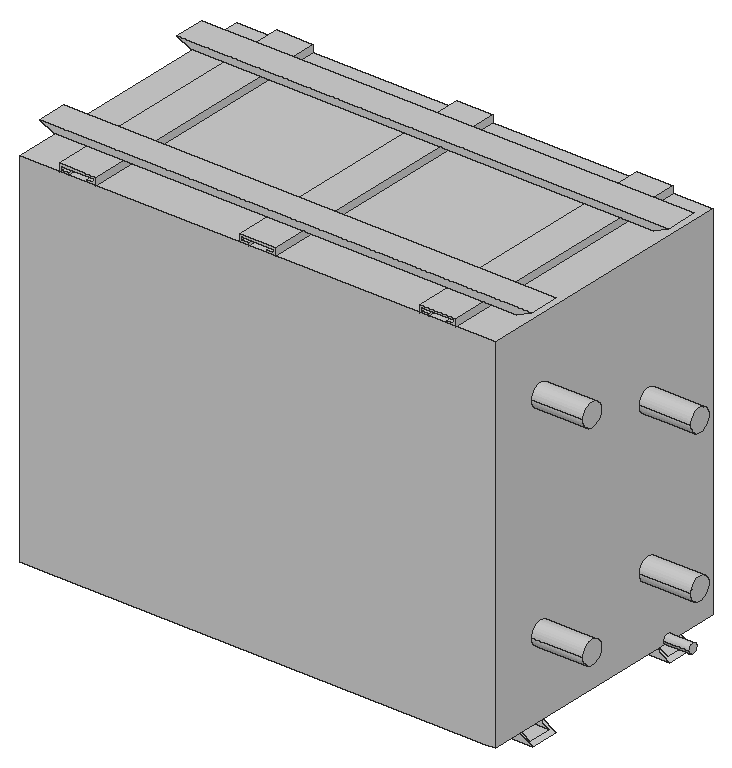
Revit family "Heat Pump-Rheem-W2W-35kW A", category Mechanical Equipment, Revit 2016
Family settings
  Part Type = Normal
  Round Connector Dimension = Use Radius
  OmniClass Number = 23.75.10.21
  OmniClass Title = Heat Pumps
  Work Plane-Based = No
  Always vertical = Yes
  Cut with Voids When Loaded = No
  Shared = No
  Room Calculation Point = No
Parameters (values of type "9540350S")
  calcTopSupport = if(Show Top Supports, 32 mm, 0 mm)  # 32 mm
  calcFanGuardDepth = 133 mm  # constant formula
  Width_ANZRS = 599 mm  # constant formula
  Wattage_ANZRS = 35 kW  # constant formula
  Voltage_ANZRS = 230 V
  URL = "https://www.rheem.com.au/products/commercial/commercial-heat-pumps"
  Type Comments = ""
  SupportInsetSide = 77 mm  # constant formula
  Show Top Supports = yes
  ProductCode_ANZRS = "9540350S"
  PowerFactor_ANZRS = 1
  OutletPipeDiameter = 50 mm  # constant formula
  calcOutletPipeRad = if(1 = 1, OutletPipeDiameter / 2, 0 mm)  # 25 mm
  Model = "Rheem Commercial Water to Water Heat Pump – 35kW Stackable Model"
  Material_ANZRS = Rheem-Steel-Grey
  Manufacturer = "Rheem"  # constant formula
  Length_ANZRS = 1049 mm  # constant formula
  InletPipeDiameter = 50 mm  # constant formula
  calcInletPipeRadius = if(1 = 1, InletPipeDiameter / 2, 0 mm)  # 25 mm
  Height_ANZRS = if(Show Top Supports, 859 mm, 827 mm)  # 859 mm
  Description = "Rheem's Commercial Water to Water (W2W) heat pump includes units using R134a for hot water heating up to 65°C, with a minimum entering water temperature on the building loop of 12°C, giving a return water temperature of 7°C, with the units being compact and suitable for indoor or external installation. Stackable models allow units to be stacked two high for reduced footprint."
  CreatedBy_ANZRS = "Design Content"  # constant formula
  CreatedByURL_ANZRS = "https://www.designcontent.com.au/"
  Assembly Code = ""
  ApparentLoad_ANZRS = Wattage_ANZRS  # 35 kW
Types (2, lengths in mm): name | calcTopSupport | Show Top Supports | ProductCode_ANZRS | Model | Height_ANZRS | Description
  95403500 | 0 | no | "95403500" | "Rheem Commercial Water to Water Heat Pump – 35kW" | 827 | "Rheem's Commercial Water to Water (W2W) heat pump includes units using R134a for hot water heating up to 65°C, with a minimum entering water temperature on the building loop of 12°C, giving a return water temperature of 7°C, with the units being compact and suitable for indoor or external installation."
  9540350S | 32 | yes | "9540350S" | "Rheem Commercial Water to Water Heat Pump – 35kW Stackable Model" | 859 | "Rheem's Commercial Water to Water (W2W) heat pump includes units using R134a for hot water heating up to 65°C, with a minimum entering water temperature on the building loop of 12°C, giving a return water temperature of 7°C, with the units being compact and suitable for indoor or external installation. Stackable models allow units to be stacked two high for reduced footprint."
Reference planes
  plane 1 "Center (Front/Back)": y = 0
  plane 2: z = 0
  plane 3 "Center (Left/Right)": x = 0
  plane 4 "Back": y = 299.5
  plane 5 "Front": y = -299.5
  plane 6 "Left": x = -524.5
  plane 7 "Right": x = 524.5
  plane 8: z = 24
  plane 9 "HEIGHT": z = 827
  plane 10 "Inlet": z = 200
  plane 11 "Outlet": z = 670
  plane 12: x = 639.5
  plane 13: y = -222.5
  plane 14: y = 222.5
  plane 15: x = 582
  plane 16: z = 859
  plane 17: x = -544.5
  plane 18: x = 544.5
  plane 19 "Pipework": y = -176.5
Forms (mm)
  Extrusion 1, solid, material "Rheem-Steel-Grey" <- "Material_ANZRS", detail levels medium+fine
    sketch origin (0, 0, 0) x (1, 0, 0) y (0, 1, 0)
      loop
        line (-524.5, 299.5) -> (-524.5, -299.5) -> (524.5, -299.5) -> (524.5, 299.5) -> (-524.5, 299.5)
    from 24 to 827
  Extrusion 2, solid, material "Rheem-Steel-Grey" <- "Material_ANZRS"
    sketch origin (0, 111.908, 381.979) x (0, -1, 0) y (0, 0, 1)
      loop
        circle (288.408, -181.979) r 25
      loop
        circle (288.408, 288.021) r 25
      loop
        circle (-8.592, -185.979) r 25
      loop
        circle (-8.592, 147.021) r 25
    from -524.5 to -639.5
  Extrusion 3, solid, material "Rheem-Steel-Grey" <- "Material_ANZRS"
    sketch origin (524.5, 0, 0) x (0, -1, 0) y (0, 0, -1)
      loop
        circle (-173.5, -34) r 10
    from 0 to 57.5
  Extrusion 4, solid, material "Rheem-Steel-Grey" <- "Material_ANZRS", detail levels coarse
    sketch origin (0, 0, 827) x (-1, 0, 0) y (0, -1, 0)
      loop
        line (524.5, -299.5) -> (524.5, 299.5) -> (-524.5, 299.5) -> (-524.5, -299.5) -> (524.5, -299.5)
    from -827 to 32
  Extrusion 5, solid, material "Rheem-Steel-Grey" <- "Material_ANZRS", detail levels medium+fine
    sketch origin (0, 0, 0) x (0, 1, 0) y (0, 0, 1)
      loop
        line (247.5, 24) -> (217.5, 24) -> (217.5, 5) -> (163.086, 5) -> (163.086, 24) -> (133, 24) -> (133, 19) -> (158, 19) -> (158, 0) -> (222.5, 0) -> (222.5, 19) -> (247.5, 19) -> (247.5, 24)
      loop
        line (-133, 24) -> (-163, 24) -> (-163, 5) -> (-217.414, 5) -> (-217.414, 24) -> (-247.5, 24) -> (-247.5, 19) -> (-222.5, 19) -> (-222.5, 0) -> (-158, 0) -> (-158, 19) -> (-133, 19) -> (-133, 24)
    from -544.5 to 544.5
  Extrusion 6, solid, material "Rheem-Steel-Grey" <- "Material_ANZRS", visible <- "Show Top Supports", detail levels medium+fine
    sketch origin (0, 0, 0) x (1, 0, 0) y (0, 0, 1)
      loop
        line (-437.141, 827) -> (-417.141, 827) -> (-417.141, 832) -> (-432.141, 832) -> (-432.141, 838) -> (-362.141, 838) -> (-362.141, 832) -> (-377.141, 832) -> (-377.141, 827) -> (-357.141, 827) -> (-357.141, 843) -> (-437.141, 843) -> (-437.141, 827)
      loop
        line (357.141, 827) -> (377.141, 827) -> (377.141, 832) -> (362.141, 832) -> (362.141, 838) -> (432.141, 838) -> (432.141, 832) -> (417.141, 832) -> (417.141, 827) -> (437.141, 827) -> (437.141, 843) -> (357.141, 843) -> (357.141, 827)
      loop
        line (-40, 827) -> (-20, 827) -> (-20, 832) -> (-35, 832) -> (-35, 838) -> (35, 838) -> (35, 832) -> (20, 832) -> (20, 827) -> (40, 827) -> (40, 843) -> (-40, 843) -> (-40, 827)
    from -299.5 to 299.5
  Extrusion 7, solid, material "Rheem-Steel-Grey" <- "Material_ANZRS", visible <- "Show Top Supports", detail levels medium+fine
    sketch origin (23.5, 184.859, 18.5) x (0, -1, 0) y (0, 0, 1)
      loop
        line (29.359, 824.5) -> (29.359, 840.5) -> (-38.641, 840.5) -> (-38.641, 824.5) -> (-18.617, 824.5) -> (-18.617, 829) -> (-33.617, 829) -> (-33.617, 835.5) -> (24.359, 835.5) -> (24.359, 829) -> (9.359, 829) -> (9.359, 824.5) -> (29.359, 824.5)
      loop
        line (340.359, 824.5) -> (360.359, 824.5) -> (360.359, 829) -> (345.359, 829) -> (345.359, 835.5) -> (403.334, 835.5) -> (403.334, 829) -> (388.334, 829) -> (388.334, 824.5) -> (408.359, 824.5) -> (408.359, 840.5) -> (340.359, 840.5) -> (340.359, 824.5)
    from -521 to 568
  Extrusion 8, solid, detail levels medium+fine
    sketch origin (725.494, 299.5, 222.402) x (-1, 0, 0) y (0, 0, 1)
      loop
        circle (252.008, 378.5) r 15
      loop
        circle (252.008, 428.5) r 15
      loop
        circle (252.008, 328.5) r 15
      loop
        circle (252.008, 278.5) r 10
      loop
        circle (252.008, 228.5) r 10
    from 0 to 5
  Extrusion 9, void
    sketch origin (0, 0, 0) x (1, 0, 0) y (0, 0, 1)
      loop
        line (-511.136, 843) -> (-544.5, 860) -> (-544.5, 843) -> (-511.136, 843)
      loop
        line (511.136, 843) -> (544.5, 843) -> (544.5, 859.5) -> (511.136, 843)
      loop
        line (-502.931, 24) -> (-544.5, 24) -> (-544.5, 0) -> (-502.931, 24)
      loop
        line (502.931, 24) -> (544.5, 0) -> (544.5, 24) -> (502.931, 24)
    from -299.5 to 299.5
Cuts and joins
  Extrusion 9 cuts Extrusion 1
  Extrusion 9 cuts Extrusion 5
  Extrusion 9 cuts Extrusion 7
Lines and regions (mm)
  Split face 1
    outline origin (524.5, 299.5, 827) x (0, 0, -1) y (-1, 0, 0)
      loop
        line (140, 100) -> (802, 100) -> (802, 949) -> (140, 949) -> (140, 100)
  Split face 2
    outline origin (524.5, 299.5, 827) x (0, 0, -1) y (-1, 0, 0)
      loop
        line (120, 100) -> (120, 949) -> (20, 949) -> (20, 100) -> (120, 100)
Dimensions and locks
  equal spacing: plane 6 "Left", plane 3 "Center (Left/Right)", plane 7 "Right"
  equal spacing: plane 4 "Back", plane 1 "Center (Front/Back)", plane 5 "Front"
  "Width_ANZRS": plane 4 "Back" to plane 5 "Front"
  "Length_ANZRS": plane 6 "Left" to plane 7 "Right"
  locked: plane 12 to plane 7 "Right" at 115
  "SupportInsetSide": plane 5 "Front" to plane 13
  "SupportInsetSide": plane 14 to plane 4 "Back"
  locked: Extrusion 3 sketch curve to plane 8 at 10
  equal spacing: plane 12, plane 15, plane 7 "Right"
  locked: plane 8 to Extrusion 5 sketch curve at 5  (x2)
  Extrusion 5 sketch curve to plane 14 to Extrusion 5 sketch curve to Extrusion 5 sketch curve to Extrusion 5 sketch curve to Extrusion 5 sketch curve = 25 mm locked, 5 mm locked, 54.414 mm locked, 5.086 mm locked, 25 mm locked
  locked: plane 4 "Back" to Extrusion 3 sketch curve at 126
  Extrusion 5 sketch curve to Extrusion 5 sketch curve to Extrusion 5 sketch curve to Extrusion 5 sketch curve to Extrusion 5 sketch curve to Extrusion 5 sketch curve = 25 mm locked, 5 mm locked, 54.414 mm locked, 5.086 mm locked, 25 mm locked
  locked: Extrusion 6 sketch curve to plane 9 "HEIGHT" at 16
  Extrusion 6 sketch curve to Extrusion 6 sketch curve to plane 9 "HEIGHT" = 6 mm locked, 5 mm locked  (x3)
  locked: plane 9 "HEIGHT" to plane 8 at 803
  locked: plane 8 to plane 2 at 24
  locked: nested 1 to plane 9 "HEIGHT" at 300
  locked: plane 17 to plane 6 "Left" at 20
  locked: plane 18 to plane 7 "Right" at 20
  Extrusion 9 sketch curve to Extrusion 9 sketch curve to plane 9 "HEIGHT" = 17 mm, 16 mm
  Extrusion 9 sketch curve to Extrusion 9 sketch curve to plane 9 "HEIGHT" = 16.5 mm locked, 16 mm locked
  locked: plane 19 "Pipework" to plane 5 "Front" at 123
  locked: plane 10 "Inlet" to plane 2 at 200
  locked: plane 11 "Outlet" to plane 10 "Inlet" at 470
  locked: Extrusion 2 sketch curve to plane 4 "Back" at 179  (x2)
  locked: Extrusion 2 sketch curve to plane 10 "Inlet" at 329
  locked: plane 8 to Split face 1 sketch curve at 1
  Split face 1 sketch curve to plane 9 "HEIGHT" = 140 mm
  locked: Split face 1 sketch curve to plane 7 "Right" at 100
  locked: plane 6 "Left" to Split face 1 sketch curve at 100
  locked: plane 7 "Right" to Split face 2 sketch curve at 100
  locked: plane 6 "Left" to Split face 2 sketch curve at 100
  locked: Split face 2 sketch curve to plane 9 "HEIGHT" at 20
  locked: Split face 2 sketch curve to plane 9 "HEIGHT" at 120
  "calcTopSupport": plane 16 to plane 9 "HEIGHT"
  Extrusion 7 sketch curve to Extrusion 7 sketch curve to Extrusion 7 sketch curve to Extrusion 7 sketch curve to plane 9 "HEIGHT" = 5 mm locked, 6.5 mm locked, 4.5 mm locked, 16 mm locked
  locked: Extrusion 2 sketch curve to plane 2 at 196
  "calcOutletPipeRad": radius of Extrusion 2 sketch curve  (x3)
  "calcInletPipeRadius": radius of Extrusion 2 sketch curve
  radius of Extrusion 3 sketch curve = 10 mm
  aligned and locked: level to plane 2
  aligned and locked: Extrusion 1 sketch curve to plane 6 "Left"
  aligned and locked: Extrusion 1 sketch curve to plane 7 "Right"
  aligned and locked: plane 9 "HEIGHT" to Extrusion 1
  aligned and locked: Extrusion 1 to plane 8
  aligned and locked: plane 5 "Front" to Extrusion 1
  aligned and locked: Extrusion 2 to plane 7 "Right"
  aligned and locked: plane 11 "Outlet" to Extrusion 2 sketch curve
  aligned and locked: plane 10 "Inlet" to Extrusion 2 sketch curve
  aligned and locked: plane 15 to Extrusion 3
  aligned and locked: Extrusion 4 sketch curve to plane 4 "Back"
  aligned and locked: Extrusion 4 sketch curve to plane 5 "Front"
  aligned and locked: Extrusion 4 sketch curve to plane 7 "Right"
  aligned and locked: Extrusion 4 sketch curve to plane 6 "Left"
  aligned and locked: Extrusion 4 to plane 2
  aligned and locked: plane 16 to Extrusion 4
  aligned and locked: plane 12 to Extrusion 2
  aligned and locked: plane 5 "Front" to Extrusion 6
  aligned and locked: plane 4 "Back" to Extrusion 6
  aligned and locked: Extrusion 6 sketch curve to Extrusion 6 sketch curve  (x8)
  aligned and locked: plane 4 "Back" to Extrusion 1
  aligned and locked: Extrusion 7 sketch curve to Extrusion 7 sketch curve  (x8)
  aligned and locked: nested 1 to plane 3 "Center (Left/Right)"
  aligned and locked: Extrusion 5 to plane 17
  aligned and locked: plane 18 to Extrusion 5
  aligned and locked: Extrusion 7 to plane 17
  aligned and locked: plane 18 to Extrusion 7
  aligned and locked: plane 17 to Extrusion 9 sketch curve
  aligned and locked: Extrusion 9 sketch curve to plane 8
  aligned and locked: Extrusion 9 sketch curve to plane 17
  aligned and locked: plane 18 to Extrusion 9 sketch curve
  aligned and locked: Extrusion 9 to Extrusion 1  (x2)
  aligned and locked: plane 19 "Pipework" to Extrusion 2 sketch curve  (x2)
Automatic sketch dimensions
  plane 5 "Front" to Extrusion 1 sketch curve = 0 mm
  Extrusion 1 sketch curve to plane 4 "Back" = 0 mm
  Extrusion 5 sketch curve to plane 8 = 0 mm  (x4)
  Extrusion 5 sketch curve to level = 0 mm  (x2)
  Extrusion 5 sketch curve to plane 13 = 0 mm
  Extrusion 5 sketch curve to plane 14 = 0 mm
  level to Extrusion 5 sketch curve = 5 mm  (x2)
  Extrusion 5 sketch curve to plane 8 = 5 mm  (x2)
  Extrusion 6 sketch curve to plane 9 "HEIGHT" = 0 mm  (x3)
  Extrusion 6 sketch curve to plane 6 "Left" = 87.359 mm
  Extrusion 6 sketch curve to Extrusion 6 sketch curve = 5 mm  (x6)
  Extrusion 6 sketch curve to Extrusion 6 sketch curve = 15 mm  (x6)
  Extrusion 6 sketch curve to Extrusion 6 sketch curve = 40 mm  (x2)
  Extrusion 6 sketch curve to plane 3 "Center (Left/Right)" = 40 mm
  plane 3 "Center (Left/Right)" to Extrusion 6 sketch curve = 20 mm
  Extrusion 6 sketch curve to plane 7 "Right" = 167.359 mm
  Extrusion 8 sketch curve to plane 7 "Right" = 51.014 mm  (x2)
  Extrusion 8 sketch curve to plane 11 "Outlet" = 119.098 mm
  Extrusion 8 sketch curve to Extrusion 8 sketch curve = 0 mm  (x3)
  Extrusion 8 sketch curve to Extrusion 8 sketch curve = 50 mm  (x3)
  Extrusion 8 sketch curve to plane 11 "Outlet" = 69.098 mm
  Extrusion 9 sketch curve to plane 8 = 0 mm
  Extrusion 9 sketch curve to plane 18 = 0 mm
  Extrusion 9 sketch curve to level = 0 mm  (x2)
  Extrusion 9 sketch curve to plane 6 "Left" = 13.364 mm
  Extrusion 9 sketch curve to plane 6 "Left" = 21.569 mm
  Extrusion 9 sketch curve to plane 7 "Right" = 21.569 mm
  Extrusion 9 sketch curve to plane 7 "Right" = 13.364 mm
  plane 14 to Extrusion 7 sketch curve = 1 mm
  Extrusion 7 sketch curve to plane 14 = 4.024 mm
  Extrusion 7 sketch curve to Extrusion 7 sketch curve = 15 mm  (x3)
  Extrusion 7 sketch curve to Extrusion 7 sketch curve = 27.976 mm
  Extrusion 7 sketch curve to Extrusion 7 sketch curve = 5 mm  (x2)
  plane 13 to Extrusion 7 sketch curve = 67 mm
  plane 13 to Extrusion 7 sketch curve = 19.024 mm
  plane 13 to Extrusion 7 sketch curve = 4.024 mm
  Extrusion 7 sketch curve to plane 13 = 1 mm
  radius of Extrusion 8 sketch curve = 15 mm  (x3)
  radius of Extrusion 8 sketch curve = 10 mm  (x2)
Nested families
  nested 1: "X_Rheem Logo" at (0, 299.5, 527) x (-1, 0, 0) z (0, 1, 0), type "Standard", detail levels fine
Connectors
  piping at (639.5, -176.5, 200), diameter 50, driven by "calcInletPipeRadius"
    settings: on Extrusion 2, index 9, connector inside diameter 20 mm, connector length 0 mm, flow factor 0, pipe flow 0.0 L/s, pressure drop 0.0 Pa, fitting loss kfactor 0, connector angle 0.00°, fixture units 0, engagement length 0 mm, angle of deflection 0.00°, flow configuration 1, flow direction 1, fitting loss method 0, system type 20, joint type 0, gender type 0, connector reference index -1, connector utility 0, adjustable connector no, is connector primary yes, connector description "Water In"
  piping at (639.5, -176.5, 200), diameter 50, driven by "calcOutletPipeRad"
    settings: on Extrusion 2, index 10, connector inside diameter 20 mm, connector length 0 mm, flow factor 0, pipe flow 0.0 L/s, pressure drop 0.0 Pa, fitting loss kfactor 0, connector angle 0.00°, fixture units 0, engagement length 0 mm, angle of deflection 0.00°, flow configuration 1, flow direction 2, fitting loss method 0, system type 20, joint type 0, gender type 0, connector reference index -1, connector utility 0, adjustable connector no, is connector primary no, connector description "CW Out"
  piping at (582, 173.5, 34), diameter 20
    settings: on Extrusion 3, index 11, connector inside diameter 609.6 mm, connector length 0 mm, flow factor 0, pipe flow 0.0 L/s, pressure drop 0.0 Pa, fitting loss kfactor 0, connector angle 0.00°, fixture units 0, engagement length 0 mm, angle of deflection 0.00°, flow configuration 1, flow direction 2, fitting loss method 0, system type 16, joint type 0, gender type 0, connector reference index -1, connector utility 0, adjustable connector no, is connector primary no, connector description ""
  piping at (639.5, -176.5, 670), diameter 50, driven by "calcInletPipeRadius"
    settings: on Extrusion 2, index 16, connector inside diameter 609.6 mm, connector length 0 mm, flow factor 0, pipe flow 0.0 L/s, pressure drop 0.0 Pa, fitting loss kfactor 0, connector angle 0.00°, fixture units 0, engagement length 0 mm, angle of deflection 0.00°, flow configuration 1, flow direction 1, fitting loss method 0, system type 20, joint type 0, gender type 0, connector reference index -1, connector utility 0, adjustable connector no, is connector primary no, connector description "CW In"
  electrical at (473.486, 299.5, 650.902), driven by "Voltage_ANZRS", driven by "ApparentLoad_ANZRS", driven by "PowerFactor_ANZRS"
    settings: on Extrusion 8, index 17, voltage 230 V, apparent load 35 kW, apparent load phase1 0 kW, apparent load phase2 0 kW, apparent load phase3 0 kW, power factor 1, load classification "Power", number of poles 1, system type 30, power factor state 1, is connector primary yes, connector utility no, sub classification motor no, connector description ""
  electrical at (473.486, 299.5, 600.902), driven by "Voltage_ANZRS", driven by "ApparentLoad_ANZRS", driven by "PowerFactor_ANZRS"
    settings: on Extrusion 8, index 18, voltage 230 V, apparent load 35 kW, apparent load phase1 0 kW, apparent load phase2 0 kW, apparent load phase3 0 kW, power factor 1, load classification "Power", number of poles 1, system type 30, power factor state 1, is connector primary no, connector utility no, sub classification motor no, connector description ""
  electrical at (473.486, 299.5, 550.902), driven by "Voltage_ANZRS", driven by "ApparentLoad_ANZRS", driven by "PowerFactor_ANZRS"
    settings: on Extrusion 8, index 19, voltage 230 V, apparent load 35 kW, apparent load phase1 0 kW, apparent load phase2 0 kW, apparent load phase3 0 kW, power factor 1, load classification "Power", number of poles 1, system type 30, power factor state 1, is connector primary no, connector utility no, sub classification motor no, connector description ""
  electrical at (473.486, 299.5, 500.902), driven by "Voltage_ANZRS", driven by "ApparentLoad_ANZRS", driven by "PowerFactor_ANZRS"
    settings: on Extrusion 8, index 20, voltage 230 V, apparent load 35 kW, apparent load phase1 0 kW, apparent load phase2 0 kW, apparent load phase3 0 kW, power factor 1, load classification "Power", number of poles 1, system type 30, power factor state 1, is connector primary no, connector utility no, sub classification motor no, connector description ""
  electrical at (473.486, 299.5, 450.902), driven by "Voltage_ANZRS", driven by "ApparentLoad_ANZRS", driven by "PowerFactor_ANZRS"
    settings: on Extrusion 8, index 21, voltage 230 V, apparent load 35 kW, apparent load phase1 0 kW, apparent load phase2 0 kW, apparent load phase3 0 kW, power factor 1, load classification "Power", number of poles 1, system type 30, power factor state 1, is connector primary no, connector utility no, sub classification motor no, connector description ""
  piping at (639.5, 120.5, 196), diameter 50, driven by "calcInletPipeRadius"
    settings: on Extrusion 2, index 22, connector inside diameter 609.6 mm, connector length 0 mm, flow factor 0, pipe flow 0.0 L/s, pressure drop 0.0 Pa, fitting loss kfactor 0, connector angle 0.00°, fixture units 0, engagement length 0 mm, angle of deflection 0.00°, flow configuration 1, flow direction 1, fitting loss method 0, system type 19, joint type 0, gender type 0, connector reference index -1, connector utility 0, adjustable connector no, is connector primary no, connector description "HW In"
  piping at (639.5, 120.5, 529), diameter 50, driven by "calcOutletPipeRad"
    settings: on Extrusion 2, index 23, connector inside diameter 609.6 mm, connector length 0 mm, flow factor 0, pipe flow 0.0 L/s, pressure drop 0.0 Pa, fitting loss kfactor 0, connector angle 0.00°, fixture units 0, engagement length 0 mm, angle of deflection 0.00°, flow configuration 1, flow direction 2, fitting loss method 0, system type 19, joint type 0, gender type 0, connector reference index -1, connector utility 0, adjustable connector no, is connector primary no, connector description "HW Out"
Definition of nested family "X_Rheem Logo"
  Parameters (values of type "Standard")
    Default Elevation = 1219.2 mm
    Assembly Code = ""
  Reference planes
    plane 1 "Center (Front/Back)": y = 0
    plane 2: z = 0
    plane 3 "Center (Left/Right)": x = 0
  Forms (mm)
    Extrusion 1, solid
      sketch origin (0, 0, 0) x (1, 0, 0) y (0, 1, 0)
        loop
          line (-1219.2, 1219.2) -> (-1219.2, -1219.2) -> (1219.2, -1219.2) -> (1219.2, 1219.2) -> (-1219.2, 1219.2)
      from 0 to -304.8
    Extrusion 2, solid
      sketch origin (0, 0, 0) x (1, 0, 0) y (0, 1, 0)
        loop
          arc (-33.529, -21.813) -> (38.36, -11.338) -> (-16.283, 36.536) r 40
          line (-16.283, 36.536) -> (-16.283, 5.397)
          arc (-16.283, 5.397) -> (-14.75, 6.901) -> (-12.662, 7.405) r 4.033
          arc (-12.662, 7.405) -> (-9.852, 6.403) -> (-8.561, 3.712) r 3.918
          line (-8.561, 3.712) -> (-8.561, -8.033) -> (-11.525, -8.033) -> (-11.525, 1.806)
          arc (-11.525, 1.806) -> (-12.858, 4.057) -> (-15.428, 3.572) r 2.279
          arc (-15.428, 3.572) -> (-15.988, 2.759) -> (-16.246, 1.806) r 2.925
          line (-16.246, 1.806) -> (-16.246, -8.079) -> (-19.645, -8.079) -> (-19.645, 34.843)
          arc (-19.645, 34.843) -> (-26.644, 29.834) -> (-32.41, 23.444) r 40
          arc (-32.41, 23.444) -> (-21.103, 13.87) -> (-28.782, 1.2) r 11.411
          line (-28.782, 1.2) -> (-7.321, -24.919) -> (-11.462, -24.919) -> (-31.83, -0.131) -> (-31.83, -21.813) -> (-33.529, -21.813)
        loop
          line (-35.017, -19.335) -> (-35.017, 19.335)
          arc (-35.017, 19.335) -> (-40, 0) -> (-35.017, -19.335) r 40
        loop
          line (19.37, -8.097) -> (22.563, -8.097) -> (22.563, 2.258)
          spline (22.563, 2.258) -> (22.878, 3.103) -> (23.24, 3.526) -> (23.639, 3.818) -> (24.082, 3.997) -> (24.556, 4.074) -> (25.034, 4.068) -> (25.491, 3.983) -> (25.903, 3.817) -> (26.238, 3.56) -> (26.492, 3.191) -> (26.717, 2.639) -> (26.9, 1.6)
          line (26.9, 1.6) -> (26.9, -8.097) -> (29.854, -8.097) -> (29.854, 2.258)
          spline (29.854, 2.258) -> (30.181, 3.064) -> (30.553, 3.474) -> (30.969, 3.74) -> (31.419, 3.936) -> (31.889, 4.059) -> (32.364, 4.078) -> (32.821, 3.995) -> (33.233, 3.826) -> (33.568, 3.567) -> (33.822, 3.195) -> (34.048, 2.639) -> (34.231, 1.594)
          line (34.231, 1.594) -> (34.231, -8.097) -> (37.174, -8.097) -> (37.174, 3.718)
          spline (37.174, 3.718) -> (36.65, 5.383) -> (35.957, 6.159) -> (35.415, 6.563) -> (34.941, 6.826) -> (34.394, 7.032) -> (33.695, 7.17) -> (32.91, 7.2) -> (32.152, 7.119) -> (31.53, 6.952) -> (31.006, 6.67) -> (30.429, 6.179) -> (29.566, 5.166)
          spline (29.566, 5.166) -> (28.777, 6.078) -> (28.276, 6.494) -> (27.782, 6.788) -> (27.231, 7.014) -> (26.621, 7.177) -> (26.085, 7.261) -> (25.622, 7.26) -> (25.015, 7.185) -> (24.376, 7.012) -> (23.849, 6.722) -> (23.308, 6.304) -> (22.552, 5.275)
          line (22.552, 5.275) -> (22.552, 6.926) -> (19.37, 6.926) -> (19.37, -8.097)
        loop
          line (-4.051, 1.414) -> (2.029, 1.414)
          spline (2.029, 1.414) -> (1.473, 2.786) -> (1.087, 3.377) -> (0.673, 3.834) -> (0.205, 4.224) -> (-0.271, 4.485) -> (-0.868, 4.588) -> (-1.527, 4.548) -> (-2.06, 4.356) -> (-2.438, 4.033) -> (-2.865, 3.608) -> (-3.384, 2.906) -> (-4.051, 1.414)
        loop
          line (-4.095, -1.507) -> (5.029, -1.507)
          spline (5.029, -1.507) -> (4.769, 1.886) -> (4.1, 3.692) -> (3.083, 5.302) -> (1.664, 6.502) -> (-0.127, 7.316) -> (-1.72, 7.317) -> (-3.497, 6.614) -> (-4.898, 5.44) -> (-6.016, 3.817) -> (-6.693, 1.944) -> (-6.954, 0.058) -> (-6.657, -3.194)
          spline (-6.657, -3.194) -> (-5.711, -5.424) -> (-4.777, -6.63) -> (-3.808, -7.465) -> (-2.878, -7.994) -> (-1.873, -8.306) -> (-0.773, -8.411) -> (0.288, -8.278) -> (1.264, -7.907) -> (2.23, -7.346) -> (3.148, -6.594) -> (4.02, -5.578) -> (4.876, -3.596)
          line (4.876, -3.596) -> (1.705, -3.596)
          spline (1.705, -3.596) -> (0.883, -4.78) -> (0.307, -5.189) -> (-0.248, -5.429) -> (-0.802, -5.54) -> (-1.305, -5.525) -> (-1.909, -5.294) -> (-2.514, -4.923) -> (-2.921, -4.547) -> (-3.253, -4.098) -> (-3.591, -3.486) -> (-3.885, -2.641) -> (-4.095, -1.507)
        loop
          line (8.984, 1.152) -> (15.064, 1.152)
          spline (15.064, 1.152) -> (14.509, 2.524) -> (14.123, 3.116) -> (13.708, 3.573) -> (13.241, 3.962) -> (12.764, 4.224) -> (12.168, 4.327) -> (11.508, 4.287) -> (10.975, 4.095) -> (10.598, 3.771) -> (10.171, 3.347) -> (9.652, 2.645) -> (8.984, 1.152)
        loop
          line (8.973, -1.54) -> (18.097, -1.54)
          spline (18.097, -1.54) -> (17.837, 1.853) -> (17.168, 3.659) -> (16.151, 5.269) -> (14.732, 6.469) -> (12.941, 7.283) -> (11.348, 7.285) -> (9.571, 6.581) -> (8.17, 5.407) -> (7.052, 3.785) -> (6.375, 1.911) -> (6.114, 0.026) -> (6.412, -3.226)
          spline (6.412, -3.226) -> (7.357, -5.456) -> (8.291, -6.663) -> (9.26, -7.498) -> (10.191, -8.027) -> (11.195, -8.339) -> (12.295, -8.444) -> (13.356, -8.311) -> (14.332, -7.939) -> (15.298, -7.379) -> (16.217, -6.626) -> (17.088, -5.61) -> (17.944, -3.629)
          line (17.944, -3.629) -> (14.773, -3.629)
          spline (14.773, -3.629) -> (13.951, -4.813) -> (13.375, -5.222) -> (12.82, -5.462) -> (12.266, -5.573) -> (11.763, -5.557) -> (11.159, -5.326) -> (10.555, -4.955) -> (10.147, -4.58) -> (9.816, -4.131) -> (9.477, -3.519) -> (9.183, -2.673) -> (8.973, -1.54)
        loop
          circle (0, 0) r 43
        loop
          arc (-31.817, 3.841) -> (-24.154, 12.033) -> (-31.817, 20.226) r 8.211
          line (-31.817, 20.226) -> (-31.817, 3.841)
      from 0 to 1
  Dimensions and locks
    aligned and locked: plane 2 to Extrusion 1
    aligned and locked: level to Extrusion 1
